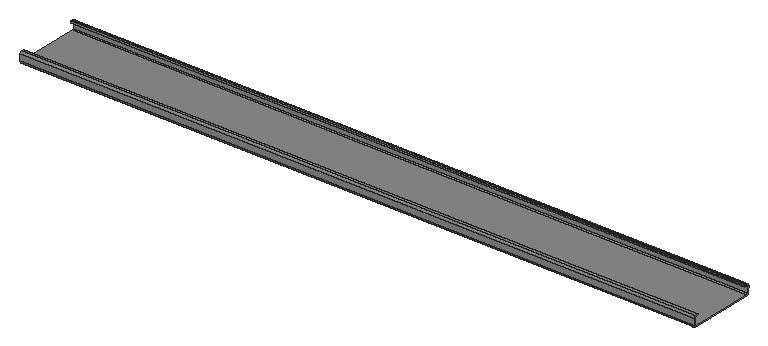
Revit family "Nedsale_aansluitelement type 150-23_Face Based_2015", category Generic Models, host Face, Revit 2015
Parameters (values of type "standaard_1500")
  gootlengte = 1500 mm
  URL = "www.w3d-tekenbureau.nl"
  Type Comments = "1500"
  Sparingshoogte [instance] = 100 mm
  Sparingsbreedte [instance] = 150 mm
  Sparing_verlenging_B [instance] = 150 mm
  Sparing_verlenging_A [instance] = 150 mm
  Model = "150-23"
  Manufacturer = "Nedsale BV"
  Diepte in dak [instance] = 50 mm
  Description = "Aansluitelement"
  Default Elevation = 0 mm
Reference planes
  plane 1 "Center (Front/Back)": y = 0
  plane 2: z = 0
  plane 3 "Center (Left/Right)": x = 0
  plane 4: x = 1500
  plane 5: z = -50
  plane 6: z = 100
  plane 7: y = -150
  plane 8: z = 50
  plane 9: x = 1650
  plane 10: x = -150
Forms (mm)
  Extrusion 1, solid, material "virgin PVC"
    sketch origin (0, 0, 0) x (0, 1, 0) y (0, 0, 1)
      loop
        line (0, -45.693) -> (0, -32.229)
        arc (0, -32.229) -> (-1.239, -29.239) -> (-4.229, -28) r 4.229
        line (-4.229, -28) -> (-9.842, -28) -> (-9.842, -30) -> (-3.972, -30)
        arc (-3.972, -30) -> (-2.578, -30.578) -> (-2, -31.972) r 1.972
        line (-2, -31.972) -> (-2, -45.427)
        arc (-2, -45.427) -> (-2.754, -47.246) -> (-4.573, -48) r 2.573
        line (-4.573, -48) -> (-145.427, -48)
        arc (-145.427, -48) -> (-147.246, -47.246) -> (-148, -45.427) r 2.573
        line (-148, -45.427) -> (-148, -31.972)
        arc (-148, -31.972) -> (-147.422, -30.578) -> (-146.028, -30) r 1.972
        line (-146.028, -30) -> (-140.158, -30) -> (-140.158, -28) -> (-145.771, -28)
        arc (-145.771, -28) -> (-148.761, -29.239) -> (-150, -32.229) r 4.229
        line (-150, -32.229) -> (-150, -45.693)
        arc (-150, -45.693) -> (-148.739, -48.739) -> (-145.693, -50) r 4.307
        line (-145.693, -50) -> (-4.307, -50)
        arc (-4.307, -50) -> (-1.261, -48.739) -> (0, -45.693) r 4.307
    from 0 to 1500
  Extrusion 2, void
    sketch origin (0, 0, 0) x (0, 1, 0) y (0, 0, 1)
      loop
        line (0, 50) -> (-150, 50) -> (-150, -50) -> (0, -50) -> (0, 50)
    from -150 to 1650
Dimensions and locks
  "gootlengte": plane 3 "Center (Left/Right)" to plane 4
  "Diepte in dak": level to plane 5
  locked: plane 6 to plane 5 at 150
  "Sparingsbreedte": plane 1 "Center (Front/Back)" to plane 7
  "Sparingshoogte": plane 8 to plane 5
  "Sparing_verlenging_A": plane 10 to plane 3 "Center (Left/Right)"
  "Sparing_verlenging_B": plane 4 to plane 9
  aligned and locked: host face to plane 2
  aligned and locked: host face to level
  aligned and locked: plane 4 to Extrusion 1
  aligned and locked: Extrusion 1 to plane 3 "Center (Left/Right)"
  aligned and locked: plane 5 to Extrusion 2 sketch curve
  aligned and locked: Extrusion 2 sketch curve to plane 7
  aligned and locked: Extrusion 2 sketch curve to plane 8
  aligned and locked: plane 1 "Center (Front/Back)" to Extrusion 2 sketch curve
  aligned and locked: plane 9 to Extrusion 2
  aligned and locked: Extrusion 2 to plane 10
  aligned and locked: Extrusion 1 to plane 5
  aligned and locked: plane 5 to Extrusion 1 sketch curve
  aligned and locked: plane 1 "Center (Front/Back)" to Extrusion 1 sketch curve
  aligned and locked: plane 7 to Extrusion 1 sketch curve
Automatic sketch dimensions
  host sketch curve to host sketch curve = 3719.69 mm
  host sketch curve to host sketch curve = 2438.4 mm
  Extrusion 1 sketch curve to plane 7 = 2 mm
  Extrusion 1 sketch curve to Extrusion 1 sketch curve = 1.972 mm  (x2)
  Extrusion 1 sketch curve to Extrusion 1 sketch curve = 0.257 mm  (x4)
  Extrusion 1 sketch curve to Extrusion 1 sketch curve = 2.307 mm
  Extrusion 1 sketch curve to Extrusion 1 sketch curve = 0.267 mm  (x3)
  Extrusion 1 sketch curve to Extrusion 1 sketch curve = 5.87 mm
  plane 1 "Center (Front/Back)" to Extrusion 1 sketch curve = 9.842 mm
  plane 1 "Center (Front/Back)" to Extrusion 1 sketch curve = 4.573 mm
  plane 1 "Center (Front/Back)" to Extrusion 1 sketch curve = 4.229 mm
  Extrusion 1 sketch curve to Extrusion 1 sketch curve = 13.198 mm  (x2)
  Extrusion 1 sketch curve to Extrusion 1 sketch curve = 0 mm
